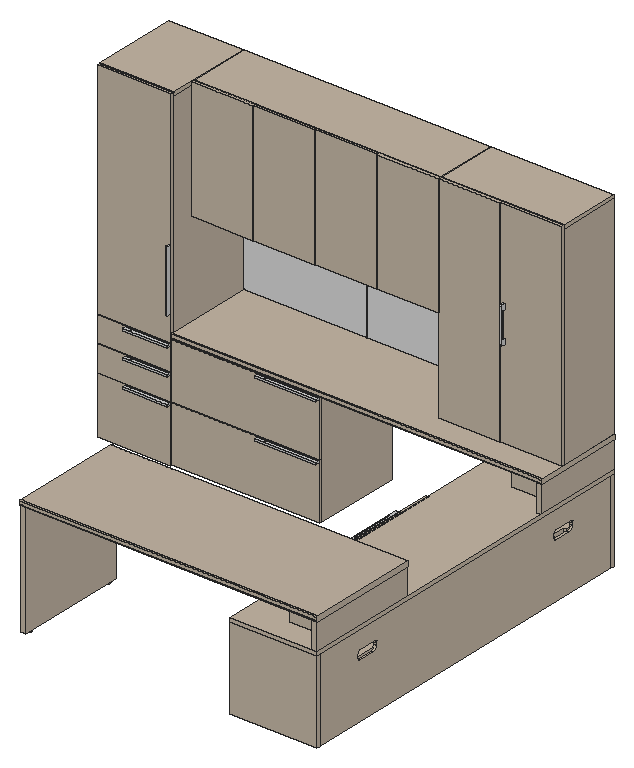
Revit family "FLT016", category Furniture, Revit 2015 (continued)
Definition of nested family "JSI-Flux-Wall_Mount_Dbl_Ht_OH"
  Parameters (values of type "Type Catalog - Wall Mount Dbl Ht OH")
    Shelf Width_L = if(# of Doors > 2, ((Partition Distance_L) - 0' 0 3/4"), (Width - 0' 1 1/2"))  # 2' - 6 13/16"
    Shelf Width_R = if(# of Doors > 3, ((Partition Distance_L) - 0' 0 3/4"), if(# of Doors = 3, (Partition Distance_R - 0' 0 3/4"), (Width - 0' 1 1/2")))  # 2' - 6 13/16"
    Shelf Dist_R = if(# of Doors = 6, (Shelf Width_L + Shelf Width_Central + (0' 0 3/4" * 3)), (if(# of Doors = 4, (Shelf Width_L + (0' 0 3/4" * 2)), (if(# of Doors = 3, (Shelf Width_L + (0' 0 3/4" * 2)), 0' 0 3/4")))))  # 5' - 4 5/16"
    Shelf Dist_L = 0' - 0 3/4"
    Shelf Dist_C = if(# of Doors = 6, (Partition Distance_L + 0' 0 3/4"), 0' 0 3/4")  # 2' - 8 5/16"
    Shelf = none
    Series = "FLUX"  # constant formula
    R = yes
    Partition-R = yes
    Partition-L = yes
    Partition Distance_R = if(# of Doors = 6, ((Door Width * 2) + 0' 0 1/8" - 0' 0 5/16"), (if(# of Doors = 4, ((Width / 2) - 0' 0 3/8"), (if(# of Doors = 3, (if(R, (Door Width - 0' 0 5/16"), ((Door Width * 2) + 0' 0 1/8" - 0' 0 5/16"))), 0' 0")))))  # 2' - 7 9/16"
    Partition Distance_L = if(# of Doors = 6, ((Door Width * 2) + 0' 0 1/8" - 0' 0 5/16"), (if(# of Doors = 4, ((Width / 2) - 0' 0 3/8"), (if(# of Doors = 3, (if(R, ((Door Width * 2) + 0' 0 1/8" - 0' 0 5/16"), (Door Width - 0' 0 5/16"))), 0' 0")))))  # 2' - 7 9/16"
    OH Elevation = 2' - 5"
    Model = ""
    Manufacturer = "JSI"  # constant formula
    Level of Base Shelve = 0' - 0"
    Keynote = "12500"
    JSI Enviromental Website = "http://www.jsifurniture.com/jsi_sustainability_intro.php"
    Height = 2' - 5"
    Door Width = (Width - (0' 0 1/8" * (# of Doors - 1))) / # of Doors  # 1' - 3 7/8"
    Door Array Distance = Door Width + 0' 0 1/8"  # 1' - 4"
    Shelf Width_Central = if(# of Doors > 4, (Width - (Shelf Width_L * 2) - 0' 3"), Shelf Width_L)  # 2' - 7 1/4"
    Back Panel = none
    Door Front = none
    Description = ""
    Depth = 1' - 3 7/8"
    Chassis = none
    Assembly Code = "E2020200"
    # of Doors = if(Width > 6' 6", 6, if(Width > 4' 6", 4, (if(Width > 3' 0", 3, 2))))  # 6
  Reference planes (in)
    plane 1: z = 0
    plane 2 "Center (Left/Right)": x = -36.06413
    plane 3 "Center (Front/Back)": y = 10.75
    plane 4: y = 9.25
    plane 5: x = -35.31413
    plane 6: x = 59.81087
    plane 7: x = 59.06087
    plane 8: x = -4.50163
    plane 9: x = -3.75163
    plane 10: x = 28.24837
    plane 11: x = 27.49837
    plane 12: y = -5.0625
    plane 13: y = -4.3125
    plane 14: y = -4.25
    plane 15: y = -2.0625
    plane 16: y = -5.125
    plane 17: x = 11.87337
    plane 18: z = 29
    plane 19: z = 29
    plane 20: z = 30.1875
    plane 21: z = 28.75
    plane 22: z = 43.34375
    plane 23: z = 44.09375
    plane 24: z = 57.25
    plane 25: z = 58
    plane 26: z = 43.71875
    plane 27: y = 9.1875
    plane 28: y = 9.9375
    plane 29: x = -20.18913
    plane 30: x = -20.06413
    plane 31: z = 28.5
    plane 32: x = -35.31413
    plane 33: x = -4.50163
    plane 34: x = -3.75163
    plane 35: x = 28.24837
    plane 36: x = 27.49837
    plane 37: x = 59.06087
    plane 38: x = -18.06413
    plane 39: x = 41.81087
    plane 40: x = -34.31413
    plane 41: x = 58.06087
    plane 42: z = 52.0625
    plane 43: z = 36.0625
    plane 44: z = 41.25
    plane 45: z = 38.25
    plane 46: z = 54.25
  Forms (in)
    Extrusion 1, solid, material <- "Chassis"
      sketch origin (0, 0, 0) x (1, 0, 0) y (0, 1, 0)
        loop
          line (-36.06413, 10.75) -> (-36.06413, -4.25) -> (-35.31413, -4.25) -> (-35.31413, 10.75) -> (-36.06413, 10.75)
      from 29 to 57.25
    Extrusion 2, solid, material <- "Chassis"
      sketch origin (0, 0, 0) x (1, 0, 0) y (0, 1, 0)
        loop
          line (59.06087, 10.75) -> (59.06087, -4.25) -> (59.81087, -4.25) -> (59.81087, 10.75) -> (59.06087, 10.75)
      from 29 to 57.25
    Extrusion 3, solid, material <- "Top"
      sketch origin (0, 0, 0) x (1, 0, 0) y (0, 0, 1)
        loop
          line (-36.06413, 57.25) -> (59.81087, 57.25) -> (59.81087, 58) -> (-36.06413, 58) -> (-36.06413, 57.25)
      from -10.75 to 4.25
    Extrusion 4, solid, material <- "Shelf"
      sketch origin (0, 0, 0) x (1, 0, 0) y (0, 0, 1)
        loop
          line (-35.31413, 30.1875) -> (-35.31413, 29) -> (59.06087, 29) -> (59.06087, 30.1875) -> (-35.31413, 30.1875)
      from -9.1875 to 4.25
    Extrusion 5, solid, material <- "Shelf"
      sketch origin (15.13982, 0, 0) x (1, 0, 0) y (0, 0, 1)
        loop
          line (-50.45396, 44.09375) -> (-50.45396, 43.34375) -> (-19.64146, 43.34375) -> (-19.64146, 44.09375) -> (-50.45396, 44.09375)
      from -9.1875 to 2.0625
    Extrusion 6, solid, material <- "Shelf"
      sketch origin (15.13982, 0, 0) x (1, 0, 0) y (0, 0, 1)
        loop
          line (-18.89146, 44.09375) -> (-18.89146, 43.34375) -> (12.35854, 43.34375) -> (12.35854, 44.09375) -> (-18.89146, 44.09375)
      from -9.1875 to 2.0625
    Extrusion 7, solid, material <- "Shelf"
      sketch origin (15.13982, 0, 0) x (1, 0, 0) y (0, 0, 1)
        loop
          line (13.10854, 44.09375) -> (13.10854, 43.34375) -> (43.92104, 43.34375) -> (43.92104, 44.09375) -> (13.10854, 44.09375)
      from -9.1875 to 2.0625
    Extrusion 8, solid, material <- "Back Panel"
      sketch origin (0, 0, 0) x (1, 0, 0) y (0, 0, 1)
        loop
          line (-35.31413, 57.25) -> (-35.31413, 29) -> (59.06087, 29) -> (59.06087, 57.25) -> (-35.31413, 57.25)
      from -9.9375 to -9.1875
    Extrusion 9, solid, material <- "Chassis", visible <- "Partition-L"
      sketch origin (0, 0, 0) x (1, 0, 0) y (0, 1, 0)
        loop
          line (-4.50163, 9.1875) -> (-4.50163, -4.25) -> (-3.75163, -4.25) -> (-3.75163, 9.1875) -> (-4.50163, 9.1875)
      from 30.1875 to 57.25
    Extrusion 10, solid, material <- "Chassis", visible <- "Partition-R"
      sketch origin (0, 0, 0) x (1, 0, 0) y (0, 1, 0)
        loop
          line (27.49837, 9.1875) -> (27.49837, -4.25) -> (28.24837, -4.25) -> (28.24837, 9.1875) -> (27.49837, 9.1875)
      from 30.1875 to 57.25
    Extrusion 11, solid, material <- "Door Front"
      sketch origin (0, 0, -23) x (1, 0, 0) y (0, 0, 1)
        loop
          line (-36.06413, 81) -> (-36.06413, 51.75) -> (-20.18913, 51.75) -> (-20.18913, 81) -> (-36.06413, 81)
      from 4.3125 to 5.0625
    Extrusion 12, solid, material <- "Door Front"
      sketch origin (16, 0, -23) x (1, 0, 0) y (0, 0, 1)
        loop
          line (-36.06413, 81) -> (-36.06413, 51.75) -> (-20.18913, 51.75) -> (-20.18913, 81) -> (-36.06413, 81)
      from 4.3125 to 5.0625
    Extrusion 13, solid, material <- "Door Front"
      sketch origin (32, 0, -23) x (1, 0, 0) y (0, 0, 1)
        loop
          line (-36.06413, 81) -> (-36.06413, 51.75) -> (-20.18913, 51.75) -> (-20.18913, 81) -> (-36.06413, 81)
      from 4.3125 to 5.0625
    Extrusion 14, solid, material <- "Door Front"
      sketch origin (48, 0, -23) x (1, 0, 0) y (0, 0, 1)
        loop
          line (-36.06413, 81) -> (-36.06413, 51.75) -> (-20.18913, 51.75) -> (-20.18913, 81) -> (-36.06413, 81)
      from 4.3125 to 5.0625
    Extrusion 15, solid, material <- "Door Front"
      sketch origin (64, 0, -23) x (1, 0, 0) y (0, 0, 1)
        loop
          line (-36.06413, 81) -> (-36.06413, 51.75) -> (-20.18913, 51.75) -> (-20.18913, 81) -> (-36.06413, 81)
      from 4.3125 to 5.0625
    Extrusion 16, solid, material <- "Door Front"
      sketch origin (80, 0, -23) x (1, 0, 0) y (0, 0, 1)
        loop
          line (-36.06413, 81) -> (-36.06413, 51.75) -> (-20.18913, 51.75) -> (-20.18913, 81) -> (-36.06413, 81)
      from 4.3125 to 5.0625
    Extrusion 17, solid, material <- "Back Panel"
      sketch origin (0, 0, 0) x (0, 1, 0) y (0, 0, 1)
        loop
          line (10.75, 57.25) -> (9.9375, 57.25) -> (9.9375, 54.25) -> (10.75, 54.25) -> (10.75, 57.25)
      from -35.31413 to 59.06087
    Extrusion 18, solid, material <- "Back Panel"
      sketch origin (0, 0, 0) x (0, 1, 0) y (0, 0, 1)
        loop
          line (10.75, 54.25) -> (9.9375, 54.25) -> (9.9375, 52.0625) -> (10.75, 52.0625) -> (10.75, 54.25)
      from -34.31413 to 58.06087
    Extrusion 19, solid, material <- "Back Panel"
      sketch origin (0, 0, 0) x (0, 1, 0) y (0, 0, 1)
        loop
          line (10.75, 41.25) -> (9.9375, 41.25) -> (9.9375, 38.25) -> (10.75, 38.25) -> (10.75, 41.25)
      from -35.31413 to 59.06087
    Extrusion 20, solid, material <- "Back Panel"
      sketch origin (0, 0, 0) x (0, 1, 0) y (0, 0, 1)
        loop
          line (10.75, 38.25) -> (9.9375, 38.25) -> (9.9375, 36.0625) -> (10.75, 36.0625) -> (10.75, 38.25)
      from -34.31413 to 58.06087
  Lines and regions (in)
    symbolic lines
      curve 1: line (-36.06413, -4.3125, 0) -> (-36.06413, -5.0625, 0)
      curve 2: line (-20.06413, -4.3125, 0) -> (-20.06413, -5.0625, 0)
      curve 3: line (-20.18913, -5.0625, 0) -> (-20.18913, -4.3125, 0)
      curve 4: line (-4.18913, -5.0625, 0) -> (-4.18913, -4.3125, 0)
      curve 5: line (-20.18913, -4.3125, 0) -> (-36.06413, -4.3125, 0)
      curve 6: line (-36.06413, -5.0625, 0) -> (-20.18913, -5.0625, 0)
      curve 7: line (-4.18913, -4.3125, 0) -> (-20.06413, -4.3125, 0)
      curve 8: line (-20.06413, -5.0625, 0) -> (-4.18913, -5.0625, 0)
      curve 9: line (-36.06413, 10.75, 0) -> (-36.06413, -4.25, 0)
      curve 10: line (59.81087, 10.75, 0) -> (-36.06413, 10.75, 0)
      curve 11: line (59.81087, 10.75, 0) -> (59.81087, -4.25, 0)
      curve 12: line (59.81087, -4.25, 0) -> (-36.06413, -4.25, 0)
      curve 13: line (-4.06413, -4.3125, 0) -> (-4.06413, -5.0625, 0)
      curve 14: line (11.81087, -5.0625, 0) -> (11.81087, -4.3125, 0)
      curve 15: line (11.81087, -4.3125, 0) -> (-4.06413, -4.3125, 0)
      curve 16: line (-4.06413, -5.0625, 0) -> (11.81087, -5.0625, 0)
      curve 17: line (11.93587, -4.3125, 0) -> (11.93587, -5.0625, 0)
      curve 18: line (27.81087, -5.0625, 0) -> (27.81087, -4.3125, 0)
      curve 19: line (27.81087, -4.3125, 0) -> (11.93587, -4.3125, 0)
      curve 20: line (11.93587, -5.0625, 0) -> (27.81087, -5.0625, 0)
      curve 21: line (27.93587, -4.3125, 0) -> (27.93587, -5.0625, 0)
      curve 22: line (43.81087, -5.0625, 0) -> (43.81087, -4.3125, 0)
      curve 23: line (43.81087, -4.3125, 0) -> (27.93587, -4.3125, 0)
      curve 24: line (27.93587, -5.0625, 0) -> (43.81087, -5.0625, 0)
      curve 25: line (43.93587, -4.3125, 0) -> (43.93587, -5.0625, 0)
      curve 26: line (59.81087, -5.0625, 0) -> (59.81087, -4.3125, 0)
      curve 27: line (59.81087, -4.3125, 0) -> (43.93587, -4.3125, 0)
      curve 28: line (43.93587, -5.0625, 0) -> (59.81087, -5.0625, 0)
    symbolic lines, detail levels medium+fine
      curve 29: line (59.06087, 10.75, 0) -> (59.06087, -4.25, 0)
      curve 30: line (-35.31413, -4.25, 0) -> (-35.31413, 10.75, 0)
      curve 39: line (-35.31413, 9.1875, 0) -> (59.06087, 9.1875, 0)
      curve 40: line (59.06087, 9.1875, 0) -> (59.06087, 9.9375, 0)
      curve 41: line (59.06087, 9.9375, 0) -> (-35.31413, 9.9375, 0)
      curve 42: line (-35.31413, 9.9375, 0) -> (-35.31413, 9.1875, 0)
    symbolic lines, visible <- "Partition-L", detail levels medium+fine
      curve 31: line (-3.75163, -4.25, 0) -> (-3.75163, 9.1875, 0)
      curve 32: line (-3.75163, 9.1875, 0) -> (-4.50163, 9.1875, 0)
      curve 33: line (-4.50163, 9.1875, 0) -> (-4.50163, -4.25, 0)
      curve 34: line (-4.50163, -4.25, 0) -> (-3.75163, -4.25, 0)
    symbolic lines, visible <- "Partition-R", detail levels medium+fine
      curve 35: line (28.24837, -4.25, 0) -> (28.24837, 9.1875, 0)
      curve 36: line (28.24837, 9.1875, 0) -> (27.49837, 9.1875, 0)
      curve 37: line (27.49837, 9.1875, 0) -> (27.49837, -4.25, 0)
      curve 38: line (27.49837, -4.25, 0) -> (28.24837, -4.25, 0)
  Dimensions and locks (in)
    "Width": plane 2 "Center (Left/Right)" to plane 6
    "Depth": plane 16 to plane 3 "Center (Front/Back)"
    plane 12 to plane 13 to plane 14 to plane 15 = 0' - 0 3/4" locked, 0' - 0 1/16" locked, 0' - 2 3/16" locked
    locked: plane 16 to plane 12 at 0.0625
    locked: plane 2 "Center (Left/Right)" to plane 5 at 0.75
    locked: plane 8 to plane 9 at 0.75
    locked: plane 11 to plane 10 at 0.75
    locked: plane 7 to plane 6 at 0.75
    equal spacing: plane 2 "Center (Left/Right)", plane 17, plane 6
    "Height": plane 25 to plane 18
    "OH Elevation": plane 18 to plane 1
    locked: plane 25 to plane 24 at 0.75
    locked: plane 23 to plane 22 at 0.75
    locked: plane 20 to plane 19 at 1.1875
    "Level of Base Shelve": plane 19 to plane 18
    plane 19 to plane 21 to plane 31 = 0' - 0 1/4" locked, 0' - 0 1/4" locked
    equal spacing: plane 24, plane 26, plane 20
    locked: plane 23 to plane 26 at 0.375
    locked: plane 27 to plane 4 at 0.0625
    "Partition Distance_L": plane 2 "Center (Left/Right)" to plane 8
    "Partition Distance_R": plane 10 to plane 6
    "Shelf Width_L": plane 32 to plane 33
    "Shelf Width_R": plane 35 to plane 37
    "Shelf Width_Central": plane 34 to plane 36
    "Shelf Dist_L": plane 2 "Center (Left/Right)" to plane 32
    "Shelf Dist_C": plane 2 "Center (Left/Right)" to plane 34
    "Shelf Dist_R": plane 2 "Center (Left/Right)" to plane 35
    equal spacing: group 1, group 2, group 5, group 6, group 7, group 8  (x3)
    "Door Width": Extrusion 11 sketch curve to Extrusion 11 sketch curve
    "Door Width": Extrusion 12 sketch curve to Extrusion 12 sketch curve
    equal spacing: group 3, group 4, group 9, group 10, group 11, group 12  (x3)
    "Door Array Distance": Extrusion 11 to Extrusion 12
    "Wiring Hole Dist": plane 2 "Center (Left/Right)" to plane 38
    "Wiring Hole Dist": plane 39 to plane 6
    "Door Width": Extrusion 13 sketch curve to Extrusion 13 sketch curve
    "Door Width": Extrusion 14 sketch curve to Extrusion 14 sketch curve
    "Door Width": Extrusion 15 sketch curve to Extrusion 15 sketch curve
    "Door Width": Extrusion 16 sketch curve to Extrusion 16 sketch curve
    plane 27 to plane 28 to plane 3 "Center (Front/Back)" = 0' - 0 3/4" locked, 0' - 0 13/16" locked
    locked: plane 32 to plane 40 at 1
    locked: plane 41 to plane 37 at 1
    locked: plane 24 to plane 42 at 5.1875
    plane 44 to plane 43 to plane 20 = 0' - 5 3/16" locked, 0' - 5 7/8" locked
    locked: plane 24 to plane 46 at 3
    locked: plane 44 to plane 45 at 3
    aligned and locked: level to plane 1
    aligned and locked: Extrusion 1 sketch curve to plane 2 "Center (Left/Right)"
    aligned and locked: Extrusion 1 sketch curve to plane 5
    aligned and locked: Extrusion 1 sketch curve to plane 3 "Center (Front/Back)"
    aligned and locked: Extrusion 1 sketch curve to plane 14
    aligned and locked: Extrusion 2 sketch curve to plane 7
    aligned and locked: Extrusion 2 sketch curve to plane 6
    aligned and locked: Extrusion 2 sketch curve to plane 3 "Center (Front/Back)"
    aligned and locked: Extrusion 2 sketch curve to plane 14
    aligned and locked: plane 24 to Extrusion 1
    aligned and locked: plane 24 to Extrusion 2
    aligned and locked: Extrusion 1 to plane 18
    aligned and locked: Extrusion 2 to plane 18
    aligned and locked: Extrusion 3 sketch curve to plane 24
    aligned and locked: Extrusion 3 sketch curve to plane 25
    aligned and locked: Extrusion 3 sketch curve to plane 2 "Center (Left/Right)"
    aligned and locked: Extrusion 3 sketch curve to plane 6
    aligned and locked: Extrusion 4 sketch curve to plane 20
    aligned and locked: Extrusion 4 sketch curve to plane 19
    aligned and locked: Extrusion 4 sketch curve to plane 5
    aligned and locked: Extrusion 4 sketch curve to plane 7
    aligned and locked: Extrusion 3 to plane 3 "Center (Front/Back)"
    aligned and locked: plane 14 to Extrusion 3
    aligned and locked: Extrusion 4 to plane 27
    aligned and locked: plane 14 to Extrusion 4
    aligned and locked: Extrusion 5 sketch curve to plane 23
    aligned and locked: Extrusion 5 sketch curve to plane 22
    aligned and locked: Extrusion 6 sketch curve to plane 23
    aligned and locked: Extrusion 6 sketch curve to plane 22
    aligned and locked: Extrusion 7 sketch curve to plane 23
    aligned and locked: Extrusion 8 sketch curve to plane 24
    aligned and locked: Extrusion 8 sketch curve to plane 5
    aligned and locked: Extrusion 8 sketch curve to plane 7
    aligned and locked: Extrusion 8 sketch curve to plane 18
    aligned and locked: Extrusion 8 to plane 28
    aligned and locked: plane 27 to Extrusion 8
    aligned and locked: Extrusion 9 sketch curve to plane 8
    aligned and locked: Extrusion 9 sketch curve to plane 9
    aligned and locked: Extrusion 9 sketch curve to plane 27
    aligned and locked: Extrusion 9 sketch curve to plane 14
    aligned and locked: Extrusion 10 sketch curve to plane 11
    aligned and locked: Extrusion 10 sketch curve to plane 10
    aligned and locked: Extrusion 10 sketch curve to plane 27
    aligned and locked: Extrusion 10 sketch curve to plane 14
    aligned and locked: plane 24 to Extrusion 9
    aligned and locked: Extrusion 9 to plane 20
    aligned and locked: plane 24 to Extrusion 10
    aligned and locked: Extrusion 10 to plane 20
    aligned and locked: Extrusion 5 to plane 27
    aligned and locked: plane 15 to Extrusion 5
    aligned and locked: Extrusion 6 to plane 27
    aligned and locked: plane 15 to Extrusion 6
    aligned and locked: plane 15 to Extrusion 7
    aligned and locked: Extrusion 7 to plane 27
    aligned and locked: plane 32 to Extrusion 5
    aligned and locked: plane 33 to Extrusion 5
    aligned and locked: plane 34 to Extrusion 6
    aligned and locked: plane 36 to Extrusion 6
    aligned and locked: plane 35 to Extrusion 7
    aligned and locked: plane 37 to Extrusion 7
    aligned and locked: Extrusion 11 to plane 13
    aligned and locked: plane 12 to Extrusion 11
    aligned and locked: Extrusion 11 to plane 2 "Center (Left/Right)"
    aligned and locked: curve 1 to Extrusion 11
    aligned and locked: curve 2 to Extrusion 12
    aligned and locked: curve 3 to Extrusion 11
    aligned and locked: curve 4 to Extrusion 12
    aligned and locked: curve 5 to Extrusion 11
    aligned and locked: curve 6 to Extrusion 11
    aligned and locked: curve 7 to Extrusion 12
    aligned and locked: curve 8 to Extrusion 12
    aligned and locked: plane 17 to nested 1
    aligned and locked: plane 12 to nested 1
    aligned and locked: curve 9 to plane 2 "Center (Left/Right)"
    aligned and locked: curve 10 to plane 3 "Center (Front/Back)"
    aligned and locked: curve 11 to plane 6
    aligned and locked: curve 12 to plane 14
    aligned and locked: curve 13 to Extrusion 13
    aligned and locked: curve 14 to Extrusion 13
    aligned and locked: curve 15 to Extrusion 13
    aligned and locked: curve 16 to Extrusion 13
    aligned and locked: curve 17 to Extrusion 14
    aligned and locked: curve 18 to Extrusion 14
    aligned and locked: curve 19 to Extrusion 14
    aligned and locked: curve 20 to Extrusion 14
    aligned and locked: curve 21 to Extrusion 15
    aligned and locked: curve 22 to Extrusion 15
    aligned and locked: curve 23 to Extrusion 15
    aligned and locked: curve 24 to Extrusion 15
    aligned and locked: curve 25 to Extrusion 16
    aligned and locked: curve 26 to Extrusion 16
    aligned and locked: curve 27 to Extrusion 16
    aligned and locked: curve 28 to Extrusion 16
    aligned and locked: plane 3 "Center (Front/Back)" to Extrusion 17 sketch curve
    aligned and locked: plane 28 to Extrusion 17 sketch curve
    aligned and locked: plane 24 to Extrusion 17 sketch curve
    aligned and locked: plane 46 to Extrusion 17 sketch curve
    aligned and locked: plane 46 to Extrusion 18 sketch curve
    aligned and locked: plane 42 to Extrusion 18 sketch curve
    aligned and locked: plane 28 to Extrusion 18 sketch curve
    aligned and locked: plane 3 "Center (Front/Back)" to Extrusion 18 sketch curve
    aligned and locked: plane 44 to Extrusion 19 sketch curve
    aligned and locked: plane 45 to Extrusion 19 sketch curve
    aligned and locked: plane 28 to Extrusion 19 sketch curve
    aligned and locked: plane 3 "Center (Front/Back)" to Extrusion 19 sketch curve
    aligned and locked: plane 45 to Extrusion 20 sketch curve
    aligned and locked: plane 43 to Extrusion 20 sketch curve
    aligned and locked: plane 28 to Extrusion 20 sketch curve
    aligned and locked: plane 3 "Center (Front/Back)" to Extrusion 20 sketch curve
    aligned and locked: Extrusion 17 to plane 32
    aligned and locked: Extrusion 18 to plane 40
    aligned and locked: Extrusion 19 to plane 32
    aligned and locked: Extrusion 20 to plane 40
    aligned and locked: plane 37 to Extrusion 17
    aligned and locked: plane 37 to Extrusion 19
    aligned and locked: plane 41 to Extrusion 18
    aligned and locked: plane 41 to Extrusion 20
    aligned and locked: Extrusion 11 to plane 21
    aligned and locked: Extrusion 12 to plane 21
    aligned and locked: curve 29 to Extrusion 2
    aligned and locked: curve 30 to Extrusion 1
    aligned and locked: plane 14 to curve 30
    aligned and locked: plane 3 "Center (Front/Back)" to curve 30
    aligned and locked: plane 14 to curve 29
    aligned and locked: curve 31 to Extrusion 9
    aligned and locked: curve 32 to Extrusion 9
    aligned and locked: curve 33 to Extrusion 9
    aligned and locked: curve 34 to Extrusion 9
    aligned and locked: curve 35 to Extrusion 10
    aligned and locked: curve 36 to Extrusion 10
    aligned and locked: curve 37 to Extrusion 10
    aligned and locked: curve 38 to Extrusion 10
    aligned and locked: curve 39 to Extrusion 8
    aligned and locked: curve 40 to Extrusion 8
    aligned and locked: curve 41 to Extrusion 8
    aligned and locked: curve 42 to Extrusion 8
  Automatic sketch dimensions
    Extrusion 7 sketch curve to plane 22 = 0' - 0"
    Extrusion 7 sketch curve to plane 7 = 0' - 0"
    plane 8 to Extrusion 5 sketch curve = 0' - 0"
    Extrusion 6 sketch curve to plane 9 = 0' - 0"
    Extrusion 6 sketch curve to plane 11 = 0' - 0"
    Extrusion 7 sketch curve to plane 10 = 0' - 0"
    plane 5 to Extrusion 5 sketch curve = 0' - 0"
    Extrusion 11 sketch curve to Extrusion 11 sketch curve = 2' - 5 1/4"
    Extrusion 12 sketch curve to Extrusion 12 sketch curve = 2' - 5 1/4"
    curve 1 to curve 5 = 1' - 3 7/8"
    curve 6 to curve 3 = 0' - 0 3/4"
    curve 2 to curve 7 = 1' - 3 7/8"
    curve 8 to curve 4 = 0' - 0 3/4"
    Extrusion 13 sketch curve to Extrusion 13 sketch curve = 2' - 5 1/4"
    curve 13 to curve 15 = 1' - 3 7/8"
    curve 16 to curve 14 = 0' - 0 3/4"
    Extrusion 14 sketch curve to Extrusion 14 sketch curve = 2' - 5 1/4"
    curve 17 to curve 19 = 1' - 3 7/8"
    curve 20 to curve 18 = 0' - 0 3/4"
    Extrusion 15 sketch curve to Extrusion 15 sketch curve = 2' - 5 1/4"
    curve 21 to curve 23 = 1' - 3 7/8"
    curve 24 to curve 22 = 0' - 0 3/4"
    Extrusion 16 sketch curve to Extrusion 16 sketch curve = 2' - 5 1/4"
    curve 25 to curve 27 = 1' - 3 7/8"
    curve 28 to curve 26 = 0' - 0 3/4"
    plane 3 "Center (Front/Back)" to curve 29 = 0' - 0"
  Nested families (in)
    nested 1: "Label 1-16 OH" at (11.87337, -5.0625, 0), type "OH DOORS"
  Definition of nested family "Label 1-16 OH"
    Parameters
      Width = 0' - 1"
      Model Name = "6 Doors"
    Reference planes (in)
      plane 1: y = 0
      plane 2: x = 0
    Text (in)
      label "XX" at (0.00051, -0.12324, 0), shows "Model Name"
Definition of nested family "JSI-Flux-Wall_Mount_Tack_Panel"
  Parameters (values of type "Type Catalog - Wall Mount Tack Board")
    Width = 2' - 4 1/4"
    URL = "www.jsifurniture.com"
    Type Comments = ""
    TAG = ""
    Support Width = if(Width > 3' 3", 2' 6", (if(Width > 2' 9", 2' 0", (if(Width > 2' 0", 1' 6", (if(Width > 1' 6", 1' 0", 0' 7")))))))  # 1' - 6"
    Support Height = if(Height > 3' 5", 0' 7 1/2", if(Height > 2' 8", 0' 11 1/2", 0' 2 1/4"))  # 0' - 2 1/4"
    Support = none
    Series = "FLUX"  # constant formula
    OH Elevation = 2' - 5"
    Model = ""
    Manufacturer = "JSI"  # constant formula
    Keynote = "12500"
    JSI Enviromental Website = "http://www.jsifurniture.com/jsi_sustainability_intro.php"
    Height = 2' - 6"
    Panel = none
    Description = "Wall Mount Tack Board"
    Depth = 0' - 1 1/2"
    Chassis = none
    Assembly Code = "E2020200"
  Reference planes (in)
    plane 1: z = 0
    plane 2 "Center (Left/Right)": x = -36.06413
    plane 3 "Center (Front/Back)": y = 10.75
    plane 4: x = -7.81413
    plane 5: y = 10
    plane 6: y = 9.25
    plane 7: x = -21.93913
    plane 8: x = -33.06413
    plane 9: x = -10.81413
    plane 10: z = 59
    plane 11: z = 58.75
    plane 12: z = 55.75
    plane 13: z = 53.5
    plane 14: z = 31.25
    plane 15: z = 33.5
    plane 16: z = 54.25
    plane 17: z = 32
    plane 18: x = -30.93913
    plane 19: x = -12.93913
    plane 20: z = 29
  Forms (in)
    Extrusion 1, solid, material <- "Panel"
      sketch origin (0, 0, 0) x (1, 0, 0) y (0, 1, 0)
        loop
          line (-7.81413, 10) -> (-36.06413, 10) -> (-36.06413, 9.25) -> (-7.81413, 9.25) -> (-7.81413, 10)
      from 29 to 58.75
    Extrusion 2, solid, material <- "Chassis"
      sketch origin (0, 0, 0) x (1, 0, 0) y (0, 1, 0)
        loop
          line (-36.06413, 10.75) -> (-36.06413, 10) -> (-33.06413, 10) -> (-33.06413, 10.75) -> (-36.06413, 10.75)
      from 29 to 58.75
    Extrusion 3, solid, material <- "Chassis"
      sketch origin (0, 0, 0) x (1, 0, 0) y (0, 1, 0)
        loop
          line (-10.81413, 10.75) -> (-10.81413, 10) -> (-7.81413, 10) -> (-7.81413, 10.75) -> (-10.81413, 10.75)
      from 29 to 58.75
    Extrusion 4, solid, material <- "Chassis"
      sketch origin (0, 0, 0) x (0, 1, 0) y (0, 0, 1)
        loop
          line (10.75, 58.75) -> (10, 58.75) -> (10, 55.75) -> (10.75, 55.75) -> (10.75, 58.75)
      from -33.06413 to -10.81413
    Extrusion 5, solid, material <- "Support"
      sketch origin (0, 0, 0) x (0, 1, 0) y (0, 0, 1)
        loop
          line (10.75, 54.25) -> (10.75, 55.75) -> (10, 55.75) -> (10, 54.25) -> (10.75, 54.25)
      from -30.93913 to -12.93913
    Extrusion 6, solid, material <- "Support"
      sketch origin (0, 0, 0) x (0, 1, 0) y (0, 0, 1)
        loop
          line (10.75, 54.25) -> (10, 54.25) -> (10, 53.5) -> (10.75, 53.5) -> (10.75, 54.25)
      from -30.93913 to -12.93913
    Extrusion 7, solid, material <- "Support"
      sketch origin (0, 0, 0) x (0, 1, 0) y (0, 0, 1)
        loop
          line (10.75, 33.5) -> (10, 33.5) -> (10, 32) -> (10.75, 32) -> (10.75, 33.5)
      from -30.93913 to -12.93913
    Extrusion 8, solid, material <- "Support"
      sketch origin (0, 0, 0) x (0, 1, 0) y (0, 0, 1)
        loop
          line (10.75, 32) -> (10, 32) -> (10, 31.25) -> (10.75, 31.25) -> (10.75, 32)
      from -30.93913 to -12.93913
  Lines and regions (in)
    symbolic lines
      curve 1: line (-36.06413, 10.75, 0) -> (-36.06413, 9.25, 0)
      curve 2: line (-7.81413, 10.75, 0) -> (-7.81413, 9.25, 0)
      curve 3: line (-7.81413, 10.75, 0) -> (-36.06413, 10.75, 0)
      curve 4: line (-7.81413, 9.25, 0) -> (-36.06413, 9.25, 0)
  Dimensions and locks (in)
    locked: plane 5 to plane 3 "Center (Front/Back)" at 0.75
    "Depth": plane 6 to plane 3 "Center (Front/Back)"
    "Width": plane 2 "Center (Left/Right)" to plane 4
    equal spacing: plane 2 "Center (Left/Right)", plane 7, plane 4
    locked: plane 2 "Center (Left/Right)" to plane 8 at 3
    locked: plane 9 to plane 4 at 3
    plane 10 to plane 11 to plane 12 = 0' - 0 1/4" locked, 0' - 3" locked
    locked: plane 12 to plane 13 at 2.25
    locked: plane 15 to plane 14 at 2.25
    locked: plane 15 to plane 17 at 1.5
    locked: plane 12 to plane 16 at 1.5
    "Support Width": plane 18 to plane 19
    equal spacing: plane 18, plane 7, plane 19
    "OH Elevation": plane 20 to plane 1
    "Height": plane 10 to plane 20
    "Support Height": plane 14 to plane 20
    aligned and locked: level to plane 1
    aligned and locked: Extrusion 1 sketch curve to plane 5
    aligned and locked: Extrusion 1 sketch curve to plane 6
    aligned and locked: Extrusion 1 sketch curve to plane 2 "Center (Left/Right)"
    aligned and locked: Extrusion 1 sketch curve to plane 4
    aligned and locked: plane 11 to Extrusion 1
    aligned and locked: Extrusion 1 to plane 20
    aligned and locked: Extrusion 2 sketch curve to plane 2 "Center (Left/Right)"
    aligned and locked: Extrusion 2 sketch curve to plane 8
    aligned and locked: Extrusion 2 sketch curve to plane 5
    aligned and locked: Extrusion 2 sketch curve to plane 3 "Center (Front/Back)"
    aligned and locked: Extrusion 3 sketch curve to plane 9
    aligned and locked: Extrusion 3 sketch curve to plane 4
    aligned and locked: Extrusion 3 sketch curve to plane 5
    aligned and locked: Extrusion 3 sketch curve to plane 3 "Center (Front/Back)"
    aligned and locked: plane 11 to Extrusion 2
    aligned and locked: plane 11 to Extrusion 3
    aligned and locked: Extrusion 2 to plane 20
    aligned and locked: Extrusion 3 to plane 20
    aligned and locked: plane 11 to Extrusion 4 sketch curve
    aligned and locked: plane 12 to Extrusion 4 sketch curve
    aligned and locked: plane 3 "Center (Front/Back)" to Extrusion 4 sketch curve
    aligned and locked: plane 5 to Extrusion 4 sketch curve
    aligned and locked: Extrusion 4 to plane 8
    aligned and locked: plane 9 to Extrusion 4
    aligned and locked: plane 16 to Extrusion 5 sketch curve
    aligned and locked: plane 12 to Extrusion 5 sketch curve
    aligned and locked: plane 5 to Extrusion 5 sketch curve
    aligned and locked: plane 3 "Center (Front/Back)" to Extrusion 5 sketch curve
    aligned and locked: plane 16 to Extrusion 6 sketch curve
    aligned and locked: plane 13 to Extrusion 6 sketch curve
    aligned and locked: plane 3 "Center (Front/Back)" to Extrusion 6 sketch curve
    aligned and locked: plane 5 to Extrusion 6 sketch curve
    aligned and locked: plane 15 to Extrusion 7 sketch curve
    aligned and locked: plane 17 to Extrusion 7 sketch curve
    aligned and locked: plane 3 "Center (Front/Back)" to Extrusion 7 sketch curve
    aligned and locked: plane 5 to Extrusion 7 sketch curve
    aligned and locked: plane 17 to Extrusion 8 sketch curve
    aligned and locked: plane 14 to Extrusion 8 sketch curve
    aligned and locked: plane 3 "Center (Front/Back)" to Extrusion 8 sketch curve
    aligned and locked: plane 5 to Extrusion 8 sketch curve
    aligned and locked: Extrusion 5 to plane 18
    aligned and locked: Extrusion 6 to plane 18
    aligned and locked: plane 19 to Extrusion 5
    aligned and locked: plane 19 to Extrusion 6
    aligned and locked: Extrusion 8 to plane 18
    aligned and locked: Extrusion 7 to plane 18
    aligned and locked: plane 19 to Extrusion 8
    aligned and locked: plane 19 to Extrusion 7
    aligned and locked: curve 1 to plane 2 "Center (Left/Right)"
    aligned and locked: curve 2 to plane 4
    aligned and locked: curve 3 to plane 3 "Center (Front/Back)"
    aligned and locked: curve 4 to plane 6
Definition of nested family "JSI-Flux-Wb_Pm_Ht"
  Parameters (values of type "Type Catalog - Wb, Pm Ht")
    W = no
    V_Void_Dist = if(F, 0' 0", (if(W, (if(F7, (if(Width > 1' 7", 0' 0", 0' 2")), 0' 2")), 0' 2")))  # 0' - 0"
    V_Pull_Width = if(Height > 5' 10", 1' 2 27/32", 0' 10 27/32")  # 1' - 2 27/32"
    V_Pull_R_R = if(FD, (if(L, 1 > 2, 2 > 1)), (if(F, 1 > 2, (if(W, 1 > 2, 2 > 1)))))  # no
    V_Pull_R_L = if(FD, (if(L, 2 > 1, 1 > 2)), (if(F, (if(F0, (if(L, 1 > 2, 2 > 1)), 2 > 1)), 1 > 2)))  # yes
    V_Pull_L_R = if(FD, 1 > 2, (if(F, (if(F0, (if(L, 2 > 1, 1 > 2)), 2 > 1)), (if(W, (if(L, 1 > 2, (if(Width > 2' 1", 1 > 2, (if(F0, 1 > 2, 2 > 1)))))), 1 > 2)))))  # no
    V_Pull_L_L = if(FD, 1 > 2, (if(F, 1 > 2, (if(W, (if(Width > 2' 1", (if(F0, 1 > 2, 2 > 1)), (if(L, (if(F0, 1 > 2, 2 > 1)), 1 > 2)))), 2 > 1)))))  # no
    Top_V_Void_Dist = if(W, (if(Width > 2' 1", 0' 0", 0' 2")), 0' 2")  # 0' - 2"
    Top_Pull_Dist = if(W, (if(Width > 2' 1", (if(F7, ((Width / 2) - 0' 0 7/32" - Pull_Width), ((Width / 2) - (Pull_Width / 2)))), (if(F0, (if(F1, ((Width / 2) - (Pull_Width / 2)), (if(F2, ((Width / 2) - (Pull_Width / 2)), (if(L, (0' 0 1/4" + 0' 0 1/16"), (Width - 0' 0 1/4" - 0' 0 1/16" - Pull_Width))))))), (if(L, (0' 0 1/4" + 0' 0 1/16"), (Width - 0' 0 1/4" - 0' 0 1/16" - Pull_Width))))))), (if(L, Partition Dist + 0' 0 1/16" + 0' 0 7/32", Partition Dist + 0' 0 11/16" - 0' 0 7/32" - Pull_Width)))  # 0' - 0 29/32"
    Top_Pull = if(F1, 2 > 1, (if(F2, 2 > 1, (if(F7, 2 > 1, 1 > 2)))))  # yes
    Top_2_Pull_Dist = if(W, (if(F7, (if(Width > 1' 6", ((Width / 2) + 0' 0 1/16" + 0' 0 7/32"), Width + 0' 2")), Width + 0' 2")), Width + 0' 2")  # 1' - 8 1/16"
    Top_2_Pull = if(W, (if(F7, (if(Width > 2' 1", 2 > 1, 1 > 2)), 1 > 2)), 1 > 2)  # no
    R_Vertical_Pull_Dist = if(FD, (if(L, 0' 0 1/32" + 0' 0 1/16" + 0' 0 7/32", (Width - 0' 0 1/32" - 0' 0 1/16" - 0' 0 7/32"))), L_Vertical_Pull_Dist + 0' 0 7/16" + 0' 0 1/8")  # 1' - 0 5/16"
    Pull_Width = if(Width > 2' 1", (if(F7, 0' 10 27/32", 1' 2 3/4")), 0' 10 27/32")  # 0' - 10 27/32"
    Partition = if(FD, 1 > 2, (if(W, 1 > 2, 2 > 1)))  # yes
    L_Vertical_Pull_Dist = (if(W, (if(Width > 2' 1", ((Width / 2) + 0' 0 1/16" + 0' 0 7/32"), (if(L, 0' 0 1/16" + 0' 0 7/32", Width - 0' 0 1/16" - 0' 0 7/32")))), (if(L, Partition Dist - 0' 0 7/32" - 0' 0 1/16", Partition Dist + 0' 0 3/4" - 0' 0 7/32" - 0' 0 1/16"))))  # 0' - 11 3/4"
    Hngr_R = if(W, 1 > 2, (if(FD, 1 > 2, (if(L, 2 > 1, 1 > 2)))))  # no
    Hngr_L = if(W, 1 > 2, (if(FD, 1 > 2, (if(L, 1 > 2, 2 > 1)))))  # yes
    Hanger_Dist = if(L, Partition Dist + 0' 0 3/4", Partition Dist)  # 0' - 11 9/32"
    H_Void_Width = if(F, Top_Shelf_Width + 0' 1 1/2", Width)  # 1' - 0"
    H_Void_Upper_Dist = if(F0, 0' 0", 0' 2")  # 0' - 0"
    H_Void_Top_Dist = if(FD, 0' 2", 0' 0")  # 0' - 0"
    H_Void_H_Dist = if(F, (if(L, Partition Dist + 0' 0 1/16", 0' 0")), 0' 0")  # 0' - 0"
    H_Void_C_Dist = if(F1, 0' 0", 0' 2")  # 0' - 0"
    H_Void_Bottom_Dist = if(F1, 0' 0", (if(F2, 0' 0", 0' 2")))  # 0' - 0"
    H_Dist_V_Void = if(F, (if(L, Partition Dist - 0' 0 1/16", Partition Dist + 0' 0 3/4" - 0' 0 1/16")), (Width / 2) - 0' 0 1/16")  # 0' - 11 31/32"
    H_Dist_C_Panel = if(F, (if(L, Partition Dist - 0' 0 1/32", 0' 0")), 0' 0")  # 0' - 0"
    Top_Shelf_Width = C_Shelf_Width  # 0' - 10 1/2"
    Top_Shelf_Dist = (Height - 0' 0 5/16" - 0' 1 1/2" - 0' 1 3/16") / 4.75  # 1' - 4.46711"
    Top_Shelf_Array_Dist = (Height - 0' 0 5/16" - 0' 1 1/2" - 0' 1 3/16") / 5.5  # 1' - 2.22159"
    Top = none
    Width = 1' - 6 1/16"
    URL = "www.jsifurniture.com"
    Type Comments = ""
    TAG = if(FD, "1Door", (if(F1, "BBF", (if(F2, "FF", (if(Width < 2' 1", "1 Door", "2 Doors")))))))  # "BBF"
    Shelf = none
    Series = "FLUX"  # constant formula
    Pull Finish = none
    Partition Dist = if(L, 0' 6 1/32", Width - 0' 6 1/32" - 0' 0 3/4")  # 0' - 11 9/32"
    Model = ""
    Manufacturer = "JSI"  # constant formula
    L = no
    Keynote = "12500"
    JSI Enviromental Website = "http://www.jsifurniture.com/jsi_sustainability_intro.php"
    Height = 6' - 9 7/32"
    H_Dist_Top_Shelf = if(F, (if(L, Partition Dist + 0' 0 3/4", 0' 0 3/4" + 0' 0 1/32")), 0' 0 3/4" + 0' 0 1/32")  # 0' - 0 25/32"
    H_Dist_Bottom_Shelf = if(F, (if(L, 0' 0", Width - Bottom_Shelf_Width - 0' 0 1/16" - 0' 1 1/2")), 0' 0")  # 0' - 11 1/4"
    Glides = none
    FD = no
    F7 = yes
    F2 = yes
    F1 = yes
    F0 = yes
    F = yes
    Door Line = if(W, (if(Width > 2' 1", (if(F0, (if(F7, 2 > 1, 1 > 2)), 2 > 1)), 1 > 2)), 1 > 2)  # no
    C_Shelf_Width = if(F, Width - 0' 6 1/32" - 0' 1 1/2" - 0' 0 1/32", Width - 0' 0 1/16" - 0' 1 1/2")  # 0' - 10 1/2"
    C_Pull_Dist = Top_Pull_Dist  # 0' - 0 29/32"
    C_Pull = if(F1, 2 > 1, 1 > 2)  # yes
    Bottom_Shelf_Width = if(F, 0' 5 1/4", (Width - 0' 0 1/16" - 0' 1 1/2"))  # 0' - 5 1/4"
    Bottom_Shelf_ Dist = if(FD, 1' 7", 2' 1")  # 2' - 1"
    Bottom_Pull_Dist = Top_Pull_Dist  # 0' - 0 29/32"
    Bottom Pull = if(F1, 2 > 1, (if(F2, 2 > 1, 1 > 2)))  # yes
    Back Panel = none
    Door Front = none
    Description = ""
    Depth = 1' - 9 13/16"
    Chassis = none
    Assembly Code = "E2020200"
    # of Top Shelf = if(Height > 5' 10", 3, 2)  # 3
  Reference planes (in)
    plane 1: z = 0
    plane 2 "Center (Left/Right)": x = -36.06413
    plane 3 "Center (Front/Back)": y = 10.75
    plane 4: x = -18.00163
    plane 5: x = -36.03288
    plane 6: x = -18.03288
    plane 7: y = 10.71875
    plane 8: y = -10.28125
    plane 9: x = -35.28288
    plane 10: x = -18.78288
    plane 11: x = -27.03288
    plane 12: z = 81.21875
    plane 13: z = 0.3125
    plane 14: z = 1.5
    plane 15: z = 2.25
    plane 16: z = 80.46875
    plane 17: y = 10.65625
    plane 18: y = 9.90625
    plane 19: y = 5.90625
    plane 20: y = -10.25
    plane 21: y = -6.25
    plane 22: x = -34.28288
    plane 23: x = -19.78288
    plane 24: y = -9.25
    plane 25: y = 8.90625
    plane 26: y = -11.0625
    plane 27: z = 0.4375
    plane 28: x = -35.97038
    plane 29: x = -18.09538
    plane 30: x = -27.09538
    plane 31: x = -26.97038
    plane 32: z = 81.09375
    plane 33: z = 26.5
    plane 34: z = 27.25
    plane 35: z = 14.375
    plane 36: z = 14.75
    plane 37: z = 14
    plane 38: z = 68.46875
    plane 39: z = 67.71875
    plane 40: y = -10.3125
    plane 41: y = -10.3125
    plane 42: y = -11.3125
    plane 43: y = -10.3125
    plane 44: y = -11.3125
    plane 45: y = -10.3125
    plane 46: y = -11.3125
    plane 47: y = -10.3125
    plane 48: y = -11.3125
    plane 49: z = 26.9375
    plane 50: z = 27.0625
    plane 51: z = 1.625
    plane 52: z = 14.28125
    plane 53: z = 14.34375
    plane 54: z = 14.21875
    plane 55: x = -24.78288
    plane 56: x = -24.03288
    plane 57: x = -24.09538
    plane 58: x = -23.97038
    plane 59: z = 20.64063
    plane 60: z = 20.70313
    plane 61: z = 20.57813
    plane 62: x = -36.06413
    plane 63: x = -24.06413
    plane 64: y = -10.3125
    plane 65: y = -11.3125
    plane 66: x = -24.78288
    plane 67: y = -0.15625
    plane 68: z = 77.59375
    plane 69: x = -35.15788
    plane 70: x = -35.15788
    plane 71: x = -35.15788
    plane 72: z = 26.73438
    plane 73: z = 20.375
    plane 74: z = 14.01563
    plane 75: x = -24.31413
    plane 76: x = -23.75163
    plane 77: z = 40.76563
    plane 78: x = -16.00163
    plane 79: y = -12.3125
    plane 80: y = -13.3125
  Forms (in)
    Extrusion 1, solid, material <- "Chassis"
      sketch origin (0, 0, 0) x (1, 0, 0) y (0, 1, 0)
        loop
          line (-36.03288, 10.71875) -> (-36.03288, -10.25) -> (-35.28288, -10.25) -> (-35.28288, 10.71875) -> (-36.03288, 10.71875)
      from 0.3125 to 80.46875
    Extrusion 2, solid, material <- "Chassis"
      sketch origin (0, 0, 0) x (1, 0, 0) y (0, 1, 0)
        loop
          line (-18.03288, 10.71875) -> (-18.78288, 10.71875) -> (-18.78288, -10.25) -> (-18.03288, -10.25) -> (-18.03288, 10.71875)
      from 0.3125 to 80.46875
    Extrusion 3, solid, material <- "Back Panel"
      sketch origin (0, 0, 0) x (1, 0, 0) y (0, 1, 0)
        loop
          line (-18.78288, 10.65625) -> (-35.28288, 10.65625) -> (-35.28288, 9.90625) -> (-18.78288, 9.90625) -> (-18.78288, 10.65625)
      from 0.3125 to 80.46875
    Extrusion 4, solid, material <- "Top"
      sketch origin (0, 0, 0) x (0, 1, 0) y (0, 0, 1)
        loop
          line (10.75, 81.21875) -> (-10.28125, 81.21875) -> (-10.28125, 80.46875) -> (10.75, 80.46875) -> (10.75, 81.21875)
      from -36.06413 to -18.00163
    Extrusion 5, solid, material <- "Chassis"
      sketch origin (0, 0, 0) x (0, 1, 0) y (0, 0, 1)
        loop
          line (9.90625, 1.5) -> (5.90625, 1.5) -> (5.90625, 0.3125) -> (9.90625, 0.3125) -> (9.90625, 1.5)
      from -35.28288 to -18.78288
    Extrusion 6, solid, material <- "Chassis"
      sketch origin (0, 0, 0) x (0, 1, 0) y (0, 0, 1)
        loop
          line (-6.25, 1.5) -> (-10.25, 1.5) -> (-10.25, 0.3125) -> (-6.25, 0.3125) -> (-6.25, 1.5)
      from -35.28288 to -18.78288
    Extrusion 7, solid, material <- "Shelf"
      sketch origin (0, 0, 0) x (0, 1, 0) y (0, 0, 1)
        loop
          line (9.90625, 1.5) -> (9.90625, 2.25) -> (-10.25, 2.25) -> (-10.25, 1.5) -> (9.90625, 1.5)
      from -35.28288 to -18.78288
    Extrusion 8, solid, material <- "Glides"
      sketch origin (0, 0, 0) x (1, 0, 0) y (0, 1, 0)
        loop
          circle (-34.28288, 8.90625) r 0.5
      from 0 to 0.3125
    Extrusion 9, solid, material <- "Glides"
      sketch origin (0, 0, 0) x (1, 0, 0) y (0, 1, 0)
        loop
          circle (-19.78288, 8.90625) r 0.5
      from 0 to 0.3125
    Extrusion 10, solid, material <- "Glides"
      sketch origin (0, 0, 0) x (1, 0, 0) y (0, 1, 0)
        loop
          circle (-34.28288, -9.25) r 0.5
      from 0 to 0.3125
    Extrusion 11, solid, material <- "Glides"
      sketch origin (0, 0, 0) x (1, 0, 0) y (0, 1, 0)
        loop
          circle (-19.78288, -9.25) r 0.5
      from 0 to 0.3125
    Extrusion 12, solid, material <- "Shelf"
      sketch origin (0, 0, 0) x (1, 0, 0) y (0, 0, 1)
        loop
          line (-35.28288, 26.5) -> (-24.78288, 26.5) -> (-24.78288, 27.25) -> (-35.28288, 27.25) -> (-35.28288, 26.5)
      from -9.90625 to 10.25
    Extrusion 13, solid, material <- "Shelf"
      sketch origin (2.625, 0, 0) x (1, 0, 0) y (0, 0, 1)
        loop
          line (-26.65788, 14) -> (-21.40788, 14) -> (-21.40788, 14.75) -> (-26.65788, 14.75) -> (-26.65788, 14)
      from -9.90625 to 10.25
    Extrusion 14, solid, material <- "Shelf"
      sketch origin (-1, 0, -3.71711) x (1, 0, 0) y (0, 0, 1)
        loop
          line (-34.28288, 68.46875) -> (-34.28288, 67.71875) -> (-23.78288, 67.71875) -> (-23.78288, 68.46875) -> (-34.28288, 68.46875)
      from -9.90625 to 9.25
    Extrusion 15, solid, material <- "Shelf"
      sketch origin (-1, 0, -17.9387) x (1, 0, 0) y (0, 0, 1)
        loop
          line (-34.28288, 68.46875) -> (-34.28288, 67.71875) -> (-23.78288, 67.71875) -> (-23.78288, 68.46875) -> (-34.28288, 68.46875)
      from -9.90625 to 9.25
    Extrusion 16, solid, material <- "Shelf"
      sketch origin (-1, 0, -32.16029) x (1, 0, 0) y (0, 0, 1)
        loop
          line (-34.28288, 68.46875) -> (-34.28288, 67.71875) -> (-23.78288, 67.71875) -> (-23.78288, 68.46875) -> (-34.28288, 68.46875)
      from -9.90625 to 9.25
    Extrusion 17, solid, material <- "Door Front"
      sketch origin (0, 0, 0) x (1, 0, 0) y (0, 1, 0)
        loop
          line (-35.97038, -10.3125) -> (-35.97038, -11.0625) -> (-18.09538, -11.0625) -> (-18.09538, -10.3125) -> (-35.97038, -10.3125)
      from 0.4375 to 81.09375
    Extrusion 18, solid, material <- "Chassis", visible <- "Partition"
      sketch origin (0, 0, 0) x (1, 0, 0) y (0, 1, 0)
        loop
          line (-24.78288, 9.90625) -> (-24.78288, -10.25) -> (-24.03288, -10.25) -> (-24.03288, 9.90625) -> (-24.78288, 9.90625)
      from 2.25 to 80.46875
    Extrusion 19, void
      sketch origin (0, 0, 0) x (1, 0, 0) y (0, 1, 0)
        loop
          line (-24.09538, -10.3125) -> (-24.09538, -11.3125) -> (-23.97038, -11.3125) -> (-23.97038, -10.3125) -> (-24.09538, -10.3125)
      from 0.3125 to 81.21875
    Extrusion 20, void
      sketch origin (0, 0, 0) x (1, 0, 0) y (0, 0, 1)
        loop
          line (-36.06413, 26.9375) -> (-24.06413, 26.9375) -> (-24.06413, 27.0625) -> (-36.06413, 27.0625) -> (-36.06413, 26.9375)
      from 10.3125 to 11.3125
    Extrusion 21, void
      sketch origin (0, 0, 0) x (1, 0, 0) y (0, 0, 1)
        loop
          line (-36.06413, 20.70313) -> (-36.06413, 20.57813) -> (-24.06413, 20.57813) -> (-24.06413, 20.70313) -> (-36.06413, 20.70313)
      from 10.3125 to 11.3125
    Extrusion 22, void
      sketch origin (0, 0, 0) x (1, 0, 0) y (0, 0, 1)
        loop
          line (-36.06413, 14.34375) -> (-36.06413, 14.21875) -> (-24.06413, 14.21875) -> (-24.06413, 14.34375) -> (-36.06413, 14.34375)
      from 10.3125 to 11.3125
    Extrusion 23, void
      sketch origin (0, 0, 0) x (1, 0, 0) y (0, 0, 1)
        loop
          line (-36.06413, 81.21875) -> (-36.06413, 27.0625) -> (-24.06413, 27.0625) -> (-24.06413, 81.21875) -> (-36.06413, 81.21875)
      from 10.3125 to 11.3125
    Extrusion 24, void
      sketch origin (0, 0, 0) x (1, 0, 0) y (0, 1, 0)
        loop
          line (-24.09538, -12.3125) -> (-24.09538, -13.3125) -> (-23.97038, -13.3125) -> (-23.97038, -12.3125) -> (-24.09538, -12.3125)
      from 26.9375 to 81.21875
  Cuts and joins
    Extrusion 19, Extrusion 20, Extrusion 21, Extrusion 22, Extrusion 23, Extrusion 24 cuts Extrusion 17
  Lines and regions (in)
    symbolic lines
      curve 1: line (-36.06413, 10.75, 0) -> (-36.06413, -10.28125, 0)
      curve 2: line (-18.00163, 10.75, 0) -> (-36.06413, 10.75, 0)
      curve 3: line (-18.00163, -10.28125, 0) -> (-36.06413, -10.28125, 0)
      curve 4: line (-18.00163, 10.75, 0) -> (-18.00163, -10.28125, 0)
      curve 15: line (-35.97038, -10.3125, 0) -> (-35.97038, -11.0625, 0)
      curve 16: line (-18.09538, -10.3125, 0) -> (-23.97038, -10.3125, 0)
      curve 17: line (-18.09538, -11.0625, 0) -> (-23.97038, -11.0625, 0)
      curve 18: line (-18.09538, -10.3125, 0) -> (-18.09538, -11.0625, 0)
      curve 21: line (-24.09538, -10.3125, 0) -> (-35.97038, -10.3125, 0)
      curve 22: line (-24.09538, -11.0625, 0) -> (-35.97038, -11.0625, 0)
    symbolic lines, detail levels medium+fine
      curve 5: line (-36.03288, 10.71875, 0) -> (-36.03288, -10.25, 0)
      curve 6: line (-35.28288, 10.71875, 0) -> (-35.28288, -10.25, 0)
      curve 7: line (-18.78288, 10.71875, 0) -> (-18.78288, -10.25, 0)
      curve 8: line (-18.03288, 10.71875, 0) -> (-18.03288, -10.25, 0)
      curve 9: line (-35.28288, 10.71875, 0) -> (-36.03288, 10.71875, 0)
      curve 10: line (-35.28288, -10.25, 0) -> (-36.03288, -10.25, 0)
      curve 11: line (-18.03288, 10.71875, 0) -> (-18.78288, 10.71875, 0)
      curve 12: line (-18.03288, -10.25, 0) -> (-18.78288, -10.25, 0)
      curve 13: line (-18.78288, 10.65625, 0) -> (-35.28288, 10.65625, 0)
      curve 14: line (-18.78288, 9.90625, 0) -> (-35.28288, 9.90625, 0)
    symbolic lines, visible <- "F"
      curve 19: line (-24.09538, -10.3125, 0) -> (-24.09538, -11.0625, 0)
      curve 20: line (-23.97038, -10.3125, 0) -> (-23.97038, -11.0625, 0)
    symbolic lines, visible <- "FD"
      curve 23: line (-24.09538, -10.3125, 0) -> (-23.97038, -10.3125, 0)
      curve 24: line (-24.09538, -11.0625, 0) -> (-23.97038, -11.0625, 0)
    symbolic lines, visible <- "Door Line"
      curve 25: line (-24.09538, -10.3125, 0) -> (-24.09538, -11.0625, 0)
      curve 26: line (-23.97038, -10.3125, 0) -> (-23.97038, -11.0625, 0)
    symbolic lines, visible <- "W"
      curve 27: line (-24.09538, -11.0625, 0) -> (-23.97038, -11.0625, 0)
      curve 28: line (-24.09538, -10.3125, 0) -> (-23.97038, -10.3125, 0)
  Dimensions and locks (in)
    locked: plane 2 "Center (Left/Right)" to plane 5 at 0.03125
    locked: plane 6 to plane 4 at 0.03125
    "Width": plane 2 "Center (Left/Right)" to plane 4
    locked: plane 7 to plane 3 "Center (Front/Back)" at 0.03125
    locked: plane 5 to plane 9 at 0.75
    locked: plane 10 to plane 6 at 0.75
    equal spacing: plane 2 "Center (Left/Right)", plane 11, plane 4
    "Height": plane 12 to plane 1
    locked: plane 12 to plane 16 at 0.75
    locked: plane 13 to plane 1 at 0.3125
    locked: plane 15 to plane 14 at 0.75
    locked: plane 14 to plane 13 at 1.1875
    plane 18 to plane 17 to plane 7 = 0' - 0 3/4" locked, 0' - 0 1/16" locked
    locked: plane 19 to plane 18 at 4
    plane 40 to plane 8 to plane 20 = 0' - 0 1/32", 0' - 0 1/32"
    locked: plane 20 to plane 21 at 4
    locked: plane 9 to plane 22 at 1
    locked: plane 23 to plane 10 at 1
    locked: plane 20 to plane 24 at 1
    locked: plane 25 to plane 18 at 1
    locked: curve 5 to curve 6 at 0.75
    locked: curve 7 to curve 8 at 0.75
    locked: plane 27 to plane 13 at 0.125
    locked: plane 5 to plane 28 at 0.0625
    locked: plane 29 to plane 6 at 0.0625
    plane 30 to plane 11 to plane 31 = 0' - 0 1/16" locked, 0' - 0 1/16" locked
    locked: plane 12 to plane 32 at 0.125
    locked: plane 34 to plane 33 at 0.75
    "Bottom_Shelf_ Dist": plane 34 to plane 15
    equal spacing: plane 33, plane 35, plane 15
    plane 36 to plane 35 to plane 37 = 0' - 0 3/8" locked, 0' - 0 3/8" locked
    locked: plane 38 to plane 39 at 0.75
    locked: plane 26 to plane 40 at 0.75
    "Depth": plane 26 to plane 3 "Center (Front/Back)"
    "C_Shelf_Width": Extrusion 12 sketch curve to Extrusion 12 sketch curve
    "Bottom_Shelf_Width": Extrusion 13 sketch curve to Extrusion 13 sketch curve
    "H_Dist_Bottom_Shelf": Extrusion 13 to plane 9
    "H_Dist_C_Panel": Extrusion 12 to plane 9
    "Top_Shelf_Width": Extrusion 14 sketch curve to Extrusion 14 sketch curve
    locked: Extrusion 14 sketch curve to Extrusion 14 sketch curve at 0.75
    "Top_Shelf_Width": Extrusion 15 sketch curve to Extrusion 15 sketch curve
    locked: Extrusion 15 sketch curve to Extrusion 15 sketch curve at 0.75
    equal spacing: group 1, group 2, group 3  (x2)
    equal spacing: group 3, group 2, group 1
    "H_Dist_Top_Shelf": Extrusion 14 to plane 2 "Center (Left/Right)"
    "Top_Shelf_Dist": plane 12 to Extrusion 14
    "Top_Shelf_Array_Dist": Extrusion 14 to Extrusion 15
    "Top_Shelf_Width": Extrusion 16 sketch curve to Extrusion 16 sketch curve
    locked: Extrusion 16 sketch curve to Extrusion 16 sketch curve at 0.75
    locked: plane 34 to plane 49 at 0.3125
    locked: plane 50 to plane 49 at 0.125
    locked: plane 51 to plane 14 at 0.125
    equal spacing: plane 49, plane 52, plane 51
    plane 53 to plane 52 to plane 54 = 0' - 0 1/16" locked, 0' - 0 1/16" locked
    locked: plane 55 to plane 56 at 0.75
    "Partition Dist": plane 2 "Center (Left/Right)" to plane 55
    locked: plane 57 to plane 58 at 0.125
    "H_Dist_V_Void": plane 2 "Center (Left/Right)" to plane 57
    equal spacing: plane 49, plane 59, plane 53
    plane 60 to plane 59 to plane 61 = 0' - 0 1/16" locked, 0' - 0 1/16" locked
    "H_Void_Width": plane 62 to plane 63
    "H_Void_H_Dist": plane 2 "Center (Left/Right)" to plane 62
    "V_Void_Dist": plane 41 to plane 40
    "H_Void_Top_Dist": plane 43 to plane 40
    "H_Void_C_Dist": plane 45 to plane 40
    "H_Void_Bottom_Dist": plane 47 to plane 40
    locked: plane 42 to plane 41 at 1
    locked: plane 44 to plane 43 at 1
    locked: plane 46 to plane 45 at 1
    locked: plane 48 to plane 47 at 1
    locked: plane 65 to plane 64 at 1
    "H_Void_Upper_Dist": plane 64 to plane 40
    equal spacing: plane 26, plane 67, plane 3 "Center (Front/Back)"
    locked: plane 12 to plane 68 at 3.625
    "Hanger_Dist": plane 2 "Center (Left/Right)" to plane 66
    locked: plane 49 to plane 72 at 0.20313
    locked: plane 61 to plane 73 at 0.20312
    locked: plane 54 to plane 74 at 0.20312
    "Top_Pull_Dist": plane 2 "Center (Left/Right)" to plane 69
    "C_Pull_Dist": plane 2 "Center (Left/Right)" to plane 70
    "Bottom_Pull_Dist": plane 2 "Center (Left/Right)" to plane 71
    plane 12 to plane 13 = 6' - 8 29/32"
    equal spacing: plane 12, plane 77, plane 13
    "L_Vertical_Pull_Dist": plane 2 "Center (Left/Right)" to plane 75
    "R_Vertical_Pull_Dist": plane 2 "Center (Left/Right)" to plane 76
    "Top_2_Pull_Dist": plane 2 "Center (Left/Right)" to plane 78
    locked: plane 80 to plane 79 at 1
    "Top_V_Void_Dist": plane 79 to plane 43
    radius of Extrusion 8 sketch curve = 0' - 0 1/2"
    radius of Extrusion 9 sketch curve = 0' - 0 1/2"
    radius of Extrusion 10 sketch curve = 0' - 0 1/2"
    radius of Extrusion 11 sketch curve = 0' - 0 1/2"
    aligned and locked: level to plane 1
    aligned and locked: Extrusion 1 sketch curve to plane 5
    aligned and locked: Extrusion 1 sketch curve to plane 9
    aligned and locked: Extrusion 1 sketch curve to plane 7
    aligned and locked: Extrusion 2 sketch curve to plane 7
    aligned and locked: Extrusion 2 sketch curve to plane 6
    aligned and locked: Extrusion 2 sketch curve to plane 10
    aligned and locked: Extrusion 3 sketch curve to plane 17
    aligned and locked: Extrusion 3 sketch curve to plane 18
    aligned and locked: Extrusion 3 sketch curve to plane 9
    aligned and locked: Extrusion 3 sketch curve to plane 10
    aligned and locked: plane 16 to Extrusion 3
    aligned and locked: plane 3 "Center (Front/Back)" to Extrusion 4 sketch curve
    aligned and locked: plane 12 to Extrusion 4 sketch curve
    aligned and locked: plane 16 to Extrusion 4 sketch curve
    aligned and locked: plane 8 to Extrusion 4 sketch curve
    aligned and locked: Extrusion 4 to plane 2 "Center (Left/Right)"
    aligned and locked: plane 4 to Extrusion 4
    aligned and locked: plane 18 to Extrusion 5 sketch curve
    aligned and locked: plane 19 to Extrusion 5 sketch curve
    aligned and locked: plane 13 to Extrusion 5 sketch curve
    aligned and locked: plane 14 to Extrusion 5 sketch curve
    aligned and locked: Extrusion 3 to plane 13
    aligned and locked: plane 21 to Extrusion 6 sketch curve
    aligned and locked: plane 20 to Extrusion 6 sketch curve
    aligned and locked: plane 13 to Extrusion 6 sketch curve
    aligned and locked: plane 14 to Extrusion 6 sketch curve
    aligned and locked: Extrusion 5 to plane 9
    aligned and locked: Extrusion 6 to plane 9
    aligned and locked: plane 10 to Extrusion 6
    aligned and locked: plane 10 to Extrusion 5
    aligned and locked: plane 14 to Extrusion 7 sketch curve
    aligned and locked: plane 15 to Extrusion 7 sketch curve
    aligned and locked: plane 18 to Extrusion 7 sketch curve
    aligned and locked: plane 20 to Extrusion 7 sketch curve
    aligned and locked: Extrusion 7 to plane 9
    aligned and locked: plane 10 to Extrusion 7
    aligned and locked: Extrusion 10 to plane 1
    aligned and locked: Extrusion 8 to plane 1
    aligned and locked: plane 13 to Extrusion 8
    aligned and locked: plane 13 to Extrusion 10
    aligned and locked: Extrusion 11 to plane 1
    aligned and locked: Extrusion 9 to plane 1
    aligned and locked: plane 13 to Extrusion 9
    aligned and locked: plane 13 to Extrusion 11
    aligned and locked: plane 11 to nested 1
    aligned and locked: curve 1 to plane 2 "Center (Left/Right)"
    aligned and locked: curve 2 to plane 3 "Center (Front/Back)"
    aligned and locked: curve 4 to plane 4
    aligned and locked: curve 9 to plane 7
    aligned and locked: curve 11 to plane 7
    aligned and locked: curve 5 to plane 5
    aligned and locked: curve 7 to plane 10
    aligned and locked: plane 9 to curve 14
    aligned and locked: plane 10 to curve 13
    aligned and locked: plane 10 to curve 14
    aligned and locked: plane 26 to nested 1
    aligned and locked: plane 8 to Extrusion 4
    aligned and locked: plane 20 to Extrusion 1
    aligned and locked: curve 10 to plane 20
    aligned and locked: curve 12 to plane 20
    aligned and locked: plane 20 to Extrusion 2
    aligned and locked: Extrusion 12 sketch curve to plane 33
    aligned and locked: Extrusion 12 sketch curve to plane 34
    aligned and locked: Extrusion 12 to plane 18
    aligned and locked: plane 20 to Extrusion 12
    aligned and locked: Extrusion 13 sketch curve to plane 37
    aligned and locked: Extrusion 13 sketch curve to plane 36
    aligned and locked: Extrusion 14 to plane 18
    aligned and locked: plane 24 to Extrusion 14
    aligned and locked: Extrusion 14 to Extrusion 15
    aligned and locked: Extrusion 17 sketch curve to plane 28
    aligned and locked: Extrusion 17 sketch curve to plane 40
    aligned and locked: Extrusion 17 sketch curve to plane 26
    aligned and locked: Extrusion 17 sketch curve to plane 29
    aligned and locked: Extrusion 17 to plane 27
    aligned and locked: plane 32 to Extrusion 17
    aligned and locked: Extrusion 18 sketch curve to plane 55
    aligned and locked: Extrusion 18 sketch curve to plane 56
    aligned and locked: Extrusion 18 sketch curve to plane 18
    aligned and locked: Extrusion 18 sketch curve to plane 20
    aligned and locked: Extrusion 18 to plane 15
    aligned and locked: plane 16 to Extrusion 18
